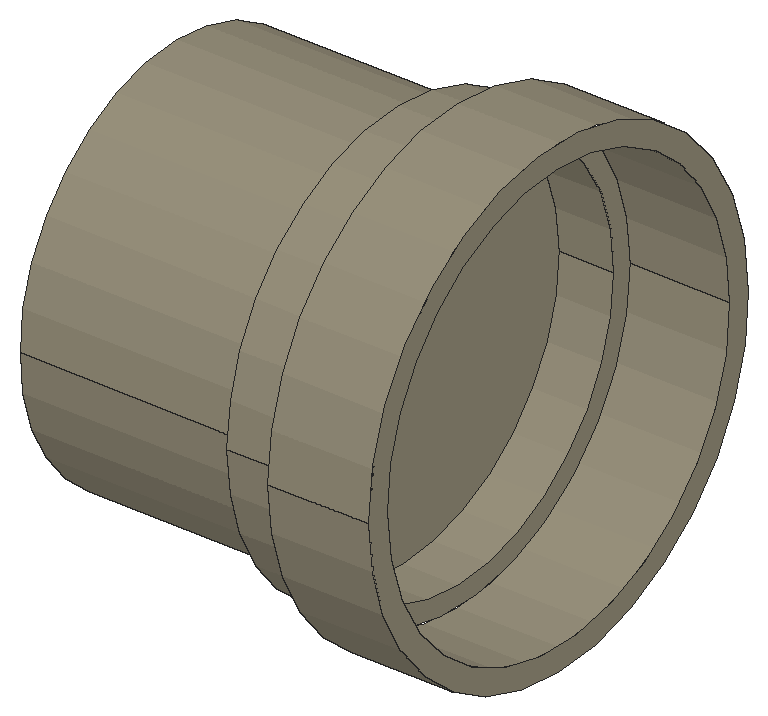
Revit family "Adaptador_Vaso_Sanitario", category Pipe Fittings, Revit 2025
Family settings
  Round Connector Dimension = Use Radius
  Part Type = Cap
  Work Plane-Based = No
  Always vertical = Yes
  Cut with Voids When Loaded = No
  Shared = No
Parameters (values of type "Standard")
  URL = "http://www.tigre.com.br"
  Type Comments = ""
  Tigre: Sistema = "Esgoto"  # constant formula
  Tigre: Norma = ""
  Tigre: Material = "PVC Branco"  # constant formula
  Tigre: Marcador [instance] = "00"
  Tigre: Link do Produto = "http://www.tigre.com.br/pt/produtos_unico.php?rcr_id=4&cpr_id=10&cpr_id_pai=4&lnh_id=9&prd_id=693"
  Tigre: Linha = "Série Normal"  # constant formula
  Tigre: Fabricante = "© Tigre S/A"  # constant formula
  Tigre: Descrição = "Adaptador para Saída de Vaso Sanitário 100mm, Esgoto Série Normal - TIGRE"  # constant formula
  Tigre: Código com Separador [instance] = "26.01.100.0"  # constant formula
  Tigre: Código [instance] = 26011000  # constant formula
  Tigre: Comentários [instance] = ""
  Representação Unifilar [instance] = Diâmetro Nominal * 0.2  # 20 mm
  Raio Nominal [instance] = 50 mm
  Raio Externo 2 [instance] = Diâmetro Externo 2 / 2  # 60.8 mm
  Raio Externo 1 [instance] = Diâmetro Externo 1 / 2  # 55 mm
  Model = ""
  Manufacturer = "Tigre: Fabricante"
  Loss Method = Not Defined
  Lookup Table Name = "Adaptador para Saida de Vaso Sanitario - Serie Normal - Esgoto - MEP - Tigre"
  Ligação em Tubo [instance] = no
  Ligação em Conexão [instance] = not(Ligação em Tubo)  # yes
  Default Elevation = 0.00 mm
  Acabamento [instance] = none
  Diâmetro Externo 2 [instance] = size_lookup(Lookup Table Name, "DE2", 1.216 * Diâmetro Nominal, Diâmetro Nominal)  # 121.6 mm
  Diâmetro Externo 1 [instance] = size_lookup(Lookup Table Name, "DE1", 1.1 * Diâmetro Nominal, Diâmetro Nominal)  # 110 mm
  Diâmetro Nominal [instance] = Raio Nominal * 2  # 100 mm
  Description = Tigre: Descrição  # "Adaptador para Saída de Vaso Sanitário 100mm, Esgoto Série Normal - TIGRE"
  Cota C [instance] = if(Ligação em Conexão, size_lookup(Lookup Table Name, "CotC", 0.98 * Diâmetro Nominal, Diâmetro Nominal), 41.00 mm)  # 98 mm
  Cota B [instance] = if(Ligação em Conexão, size_lookup(Lookup Table Name, "CotB", 0.57 * Diâmetro Nominal, Diâmetro Nominal), 0.00 mm)  # 57 mm
  Cota A [instance] = size_lookup(Lookup Table Name, "CotA", 0.258 * Diâmetro Nominal, Diâmetro Nominal)  # 25.8 mm
Reference planes
  plane 1 "Center (Front/Back)": y = 0
  plane 2: z = 0
  plane 3 "Center (Left/Right)": x = 0
  plane 4: x = 98
  plane 5: x = 72.2
  plane 6: x = 57
Forms (mm)
  Sweep 1, solid, material "PVC", detail levels fine
    path origin (98, 0, 0) x (-1, 0, 0) y (0, -1, 0)
      loop
        line (40, 0) -> (98, 0)
    profile origin (29, 0, 0) x (0, -1, 0) y (0, 0, 1)
      loop
        circle (0, 0) r 50
  Sweep 2, solid, material "PVC", detail levels fine
    path origin (98, 0, 0) x (-1, 0, 0) y (0, -1, 0)
      loop
        line (41, 0) -> (25.8, 0)
    profile origin (64.6, 0, 0) x (0, 1, 0) y (0, 0, 1)
      loop
        circle (0, 0) r 55
      loop
        circle (0, 0) r 50
  Sweep 3, solid, material "PVC", detail levels fine
    path origin (98, 0, 0) x (-1, 0, 0) y (0, -1, 0)
      loop
        line (0, 0) -> (25.8, 0)
    profile origin (85.1, 0, 0) x (0, -1, 0) y (0, 0, 1)
      loop
        circle (0, 0) r 60.8
      loop
        circle (0, 0) r 55
Cuts and joins
  joined: Sweep 1, Sweep 2, Sweep 3
Lines and regions (mm)
  model lines, detail levels coarse+medium
    curve 1: line (0, 0, 0) -> (98, 0, 0)
    curve 2: line (0, -20, 0) -> (0, 20, 0)
    curve 3: line (98, 20, 0) -> (98, -20, 0)
    curve 4: line (98, 20, 0) -> (72.2, 20, 0)
    curve 5: line (98, -20, 0) -> (72.2, -20, 0)
Dimensions and locks
  "Cota A": plane 5 to plane 4
  "Cota B": plane 3 "Center (Left/Right)" to plane 6
  equal spacing: curve 3, plane 1 "Center (Front/Back)", curve 3
  "Representação Unifilar": plane 1 "Center (Front/Back)" to curve 3
  locked: plane 6 to Sweep 1 sketch curve at 1
  locked: plane 6 to plane 5 at 15.2
  "Cota C": plane 3 "Center (Left/Right)" to plane 4
  "Raio Nominal": radius of Sweep 1 sketch curve
  "Raio Externo 1": radius of Sweep 2 sketch curve
  "Raio Externo 2": radius of Sweep 3 sketch curve
  aligned and locked: Sweep 1 sketch curve to plane 1 "Center (Front/Back)"
  aligned and locked: plane 6 to Sweep 2 sketch curve
  aligned and locked: plane 5 to Sweep 2 sketch curve
  aligned and locked: plane 1 "Center (Front/Back)" to Sweep 2 sketch curve
  aligned and locked: plane 5 to Sweep 3 sketch curve
  aligned and locked: plane 4 to Sweep 3 sketch curve
  aligned and locked: Sweep 3 sketch curve to plane 1 "Center (Front/Back)"
  aligned and locked: plane 4 to curve 1
  aligned and locked: plane 1 "Center (Front/Back)" to curve 1
  aligned and locked: curve 2 to curve 3  (x2)
  aligned and locked: plane 3 "Center (Left/Right)" to curve 2
  aligned and locked: plane 4 to curve 3
  aligned and locked: plane 3 "Center (Left/Right)" to Sweep 1 sketch curve
  aligned and locked: Sweep 2 sketch curve to cut or joined group of Sweep 1, Sweep 2, Sweep 3  (x2)
Automatic sketch dimensions
  Sweep 1 sketch curve to profile plane = 0.00 mm  (x2)
  Sweep 2 sketch curve to profile plane = 0.00 mm  (x2)
  Sweep 3 sketch curve to profile plane = 0.00 mm  (x2)
  Sweep 3 sketch curve to Sweep 3 sketch curve = 0.00 mm  (x2)
  profile plane to Sweep 3 sketch curve = 55.00 mm
  curve 4 to plane 5 = 0.00 mm
  curve 5 to plane 5 = 0.00 mm
Connectors
  piping at (0, 0, 0), diameter 100, driven by "Raio Nominal"
    settings: on cut or joined group of Sweep 1, Sweep 2, Sweep 3, index 1, connector inside diameter 100 mm, connector length 0.00 mm, flow factor 0, pipe flow 0.0 L/s, pressure drop 0.0 Pa, fitting loss kfactor 0, connector angle 0.00°, fixture units 0, engagement length 0.00 mm, angle of deflection 0.00°, flow configuration 0, flow direction 0, fitting loss method 0, system type 28, joint type 0, gender type 0, connector reference index -1, connector utility 0, adjustable connector no, is connector primary yes, connector description ""
